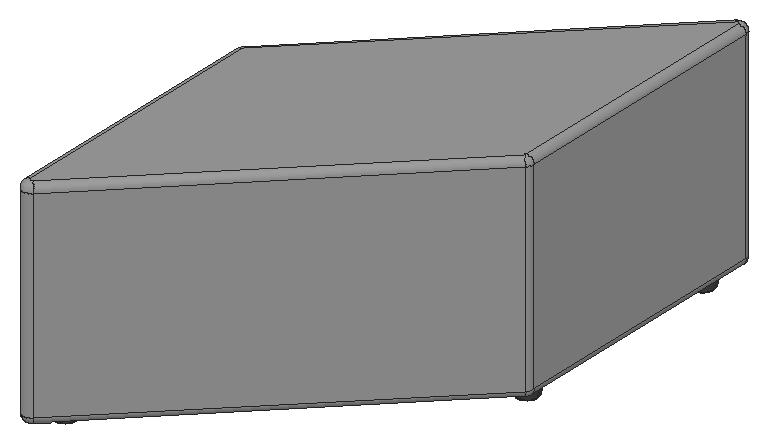
Revit family "BuroSeating_Konfurb Eightby4-F", category Furniture, Revit 2020
Family settings
  OmniClass Number = 23.40.70.14.64.11
  OmniClass Title = Office Furniture
  Work Plane-Based = No
  Always vertical = Yes
  Cut with Voids When Loaded = No
  Shared = No
  Room Calculation Point = No
Parameters (values of type "450mm")
  WarrantyDescription = "Full 5 year guarantee (excluding upholstery)"  # constant formula
  URL AU = "https://buroseating.com/"
  URL = "https://buroseating.co.nz/"
  SeatMaterial [instance] = BuroSeating_Fabric_Keylargo Ash
  ProductRange = "Konfurb"  # constant formula
  ProductPageURL NZ = "https://buroseating.co.nz/product/eightby4/"
  ProductPageURL AU = "https://buroseating.com/product/eightby4/"
  ProductGroup = "Eightby4"  # constant formula
  NominalWidth = 610 mm  # constant formula
  NominalLength = 1220 mm  # constant formula
  NominalHeight = 450 mm
  ModifiedIssue = 20230715.01  # constant formula
  Model = "KON390F"
  Manufacturer = "Buro Seating"  # constant formula
  FeetDiameter = 50 mm  # constant formula
  Description = "Parallelogram - Right"  # constant formula
  CreatedByURL = "https://buroseating.co.nz/"
  CreatedBy = "Buro Seating"  # constant formula
  ContactEmail NZ = "seating@buroseating.com"
  ContactEmail AU = "seating@buroseating.com.au"
  BaseOffset = 18 mm  # constant formula
  FeetMaterial = BuroSeating_Plastic_Black
  Default Elevation = 0 mm
  Assembly Code = "E2020"
Types (3, lengths in mm): name | SeatMaterial | NominalHeight | Model | Assembly Code
  (no name) | BuroSeating_Fabric_Keylargo Ash | 450 | "KON390F" | "E2020"
  450mm | BuroSeating_Fabric_Keylargo Ash | 450 | "KON390F" | "E2020"
  720mm | BuroSeating_Fabric_Dolly Flame | 720 | "KON390H-F" | "2020"
Reference planes
  plane 1 "Center (Front/Back)": y = 0
  plane 2: z = 0
  plane 3 "Center (Left/Right)": x = 0
  plane 4: y = 1220
  plane 5: z = 468
  plane 6: z = 18
  plane 7: x = 610
  plane 8: y = 610
  plane 9: through (0, 610, 1200) normal (-0.7071, 0.7071, 0)
  plane 10: through (610, 610, 1200) normal (0.7071, -0.7071, 0)
Forms (mm)
  Extrusion 1, solid, material "BuroSeating_Fabric_Keylargo Ash" <- "SeatMaterial"
    sketch origin (0, 0, 0) x (1, 0, 0) y (0, 1, 0)
      loop
        line (0, 601.716) -> (0, 48.284)
        arc (0, 48.284) -> (12.346, 29.807) -> (34.142, 34.142) r 20
        line (34.142, 34.142) -> (604.142, 604.142)
        arc (604.142, 604.142) -> (608.478, 610.631) -> (610, 618.284) r 20
        line (610, 618.284) -> (610, 1171.716)
        arc (610, 1171.716) -> (597.654, 1190.193) -> (575.858, 1185.858) r 20
        line (575.858, 1185.858) -> (5.858, 615.858)
        arc (5.858, 615.858) -> (1.522, 609.369) -> (0, 601.716) r 20
    from 18 to 468
  Sweep 2, void
    path in 3D
      loop
        arc (610, 1171.716, 468) -> (597.654, 1190.193, 468) -> (575.858, 1185.858, 468) r 20
        line (575.858, 1185.858, 468) -> (5.858, 615.858, 468)
        arc (5.858, 615.858, 468) -> (1.522, 609.369, 468) -> (0, 601.716, 468) r 20
        line (0, 601.716, 468) -> (0, 48.284, 468)
        arc (0, 48.284, 468) -> (12.346, 29.807, 468) -> (34.142, 34.142, 468) r 20
        line (34.142, 34.142, 468) -> (604.142, 604.142, 468)
        arc (604.142, 604.142, 468) -> (608.478, 610.631, 468) -> (610, 618.284, 468) r 20
        line (610, 618.284, 468) -> (610, 1171.716, 468)
    profile origin (610, 895, 468) x (-1, 0, 0) y (0, 0, 1)
      loop
        line (15, 0) -> (15, 5) -> (-5, 5) -> (-5, -15) -> (0, -15)
        arc (0, -15) -> (4.393, -4.393) -> (15, 0) r 15
  Sweep 3, void
    path in 3D
      loop
        arc (610, 618.284, 18) -> (608.478, 610.631, 18) -> (604.142, 604.142, 18) r 20
        line (604.142, 604.142, 18) -> (34.142, 34.142, 18)
        arc (34.142, 34.142, 18) -> (12.346, 29.807, 18) -> (0, 48.284, 18) r 20
        line (0, 48.284, 18) -> (0, 601.716, 18)
        arc (0, 601.716, 18) -> (1.522, 609.369, 18) -> (5.858, 615.858, 18) r 20
        line (5.858, 615.858, 18) -> (575.858, 1185.858, 18)
        arc (575.858, 1185.858, 18) -> (597.654, 1190.193, 18) -> (610, 1171.716, 18) r 20
        line (610, 1171.716, 18) -> (610, 618.284, 18)
    profile origin (610, 895, 18) x (-1, 0, 0) y (0, 0, -1)
      loop
        line (15, 0) -> (15, 5) -> (-5, 5) -> (-5, -15) -> (0, -15)
        arc (0, -15) -> (4.393, -4.393) -> (15, 0) r 15
Cuts and joins
  Sweep 2, Sweep 3 cuts Extrusion 1
Lines and regions (mm)
  sketch lines
    curve 1: line (610, 618.284, 468) -> (610, 1171.716, 468)
    curve 2: arc (575.858, 1185.858, 468) -> (597.654, 1190.193, 468) -> (610, 1171.716, 468) r 20
    curve 3: line (575.858, 1185.858, 468) -> (5.858, 615.858, 468)
    curve 4: arc (0, 601.716, 468) -> (1.522, 609.369, 468) -> (5.858, 615.858, 468) r 20
    curve 5: line (0, 601.716, 468) -> (0, 48.284, 468)
    curve 6: arc (34.142, 34.142, 468) -> (12.346, 29.807, 468) -> (0, 48.284, 468) r 20
    curve 7: line (34.142, 34.142, 468) -> (604.142, 604.142, 468)
    curve 8: arc (610, 618.284, 468) -> (608.478, 610.631, 468) -> (604.142, 604.142, 468) r 20
    curve 9: line (610, 1171.716, 18) -> (610, 618.284, 18)
    curve 10: arc (610, 1171.716, 18) -> (597.654, 1190.193, 18) -> (575.858, 1185.858, 18) r 20
    curve 11: line (5.858, 615.858, 18) -> (575.858, 1185.858, 18)
    curve 12: arc (5.858, 615.858, 18) -> (1.522, 609.369, 18) -> (0, 601.716, 18) r 20
    curve 13: line (0, 48.284, 18) -> (0, 601.716, 18)
    curve 14: arc (0, 48.284, 18) -> (12.346, 29.807, 18) -> (34.142, 34.142, 18) r 20
    curve 15: line (604.142, 604.142, 18) -> (34.142, 34.142, 18)
    curve 16: arc (604.142, 604.142, 18) -> (608.478, 610.631, 18) -> (610, 618.284, 18) r 20
Dimensions and locks
  "NominalLength": plane 1 "Center (Front/Back)" to plane 4
  "NominalHeight": plane 5 to plane 6
  "BaseOffset": plane 6 to plane 2
  "NominalWidth": plane 3 "Center (Left/Right)" to plane 7
  "NominalWidth": plane 1 "Center (Front/Back)" to plane 8
  nested 4 to plane 7 = 35 mm
  nested 4 to plane 4 = 115 mm
  nested 3 to plane 8 = 35 mm
  nested 3 to plane 7 = 35 mm
  plane 3 "Center (Left/Right)" to nested 2 = 35 mm
  plane 8 to nested 2 = 35 mm
  plane 1 "Center (Front/Back)" to nested 1 = 115 mm
  plane 3 "Center (Left/Right)" to nested 1 = 35 mm
  aligned and locked: plane 2 to level
  aligned and locked: Extrusion 1 to plane 5
  aligned and locked: Extrusion 1 to plane 6
  aligned and locked: nested 1 to plane 6
  aligned and locked: nested 2 to plane 6
  aligned and locked: nested 3 to plane 6
  aligned and locked: nested 4 to plane 6
Automatic sketch dimensions
  Extrusion 1 sketch curve to plane 3 "Center (Left/Right)" = 0 mm
  Extrusion 1 sketch curve to plane 7 = 0 mm
  plane 3 "Center (Left/Right)" to Extrusion 1 sketch curve = 5.858 mm
  Extrusion 1 sketch curve to plane 8 = 8.284 mm
  Extrusion 1 sketch curve to Extrusion 1 sketch curve = 14.142 mm  (x3)
  Extrusion 1 sketch curve to plane 7 = 34.142 mm
  Extrusion 1 sketch curve to Extrusion 1 sketch curve = 20 mm  (x2)
  plane 8 to Extrusion 1 sketch curve = 8.284 mm
  Extrusion 1 sketch curve to plane 7 = 5.858 mm
  Extrusion 1 sketch curve to plane 1 "Center (Front/Back)" = 48.284 mm
  plane 4 to Extrusion 1 sketch curve = 48.284 mm
  profile plane to Sweep 2 sketch curve = 5 mm  (x2)
  Sweep 2 sketch curve to profile plane = 0 mm  (x2)
  Sweep 2 sketch curve to profile plane = 15 mm
  Sweep 3 sketch curve to profile plane = 0 mm  (x2)
  profile plane to Sweep 3 sketch curve = 5 mm  (x2)
  Sweep 3 sketch curve to profile plane = 15 mm
Nested families
  nested 1: "x_BuroSeating_Konfurb_Feet_01" at (35, 115, 0.132), type "Type 1"
  nested 2: "x_BuroSeating_Konfurb_Feet_01" at (35, 575, 0.132) x (-1, 0, 0) z (0, 0, 1), type "Type 1"
  nested 3: "x_BuroSeating_Konfurb_Feet_01" at (575, 645, 0.132) x (-1, 0, 0) z (0, 0, 1), type "Type 1"
  nested 4: "x_BuroSeating_Konfurb_Feet_01" at (575, 1105, 0.132) x (0, -1, 0) z (0, 0, 1), type "Type 1"
Definition of nested family "x_BuroSeating_Konfurb_Feet_01"
  Parameters (values of type "Type 1")
    calc_FeetRadiusTop = FeetDiameter / 2  # 25 mm
    calc_FeetRadiusBase = calc_FeetRadiusTop - 4 mm  # 21 mm
    FeetMaterial = none
    FeetHeight = 18 mm
    FeetDiameter = 50 mm
    Default Elevation = 0 mm
  Reference planes
    plane 1 "Center (Front/Back)": y = 0
    plane 2: z = 0
    plane 3 "Center (Left/Right)": x = 0
    plane 4 "Top": z = 17.868
  Forms (mm)
    Revolve 1, solid, material <- "FeetMaterial"
      sketch origin (0, 0, 17.868) x (1, 0, 0) y (0, 0, 1)
        loop
          line (0, 0) -> (0, -17.868) -> (21, -17.868)
          arc (21, -17.868) -> (21.888, -17.539) -> (22.346, -16.71) r 1.361
          line (22.346, -16.71) -> (25, 0) -> (0, 0)
        axis (0, 0) -> (0, -17.868)
      angle from 0 to 360
  Dimensions and locks
    "calc_FeetRadiusTop": Revolve 1 sketch curve to Revolve 1 sketch curve
    "calc_FeetRadiusBase": Revolve 1 sketch curve to Revolve 1 sketch curve
    plane 4 "Top" to level = 17.868 mm
    aligned and locked: plane 2 to level
  Automatic sketch dimensions
    Revolve 1 sketch curve to plane 3 "Center (Left/Right)" = 0 mm  (x2)
    Revolve 1 sketch curve to level = 0 mm
    Revolve 1 sketch curve to plane 4 "Top" = 0 mm
    level to Revolve 1 sketch curve = 1.158 mm
    Revolve 1 sketch curve to Revolve 1 sketch curve = 1.346 mm
    Revolve 1 sketch curve to level = 1.109 mm
    plane 4 "Top" to Revolve 1 sketch curve = 1.468 mm
